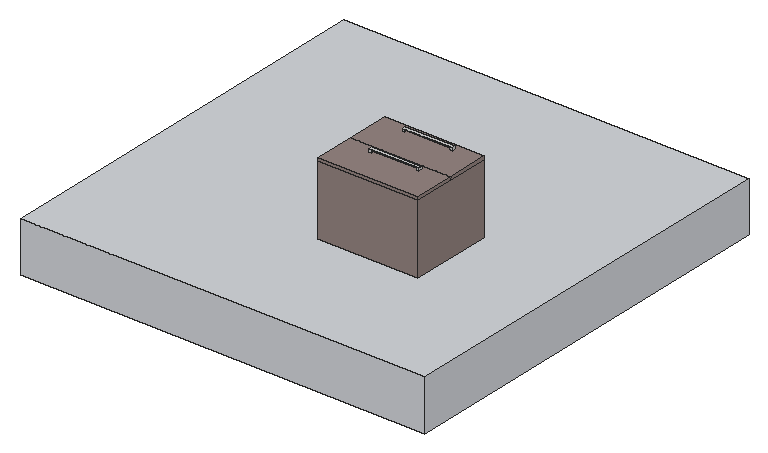
Revit family "IS_Tempo_Multiproduct_BIM_ES_E3240;E3242", category Plumbing Fixtures, host Face, Revit 2017
Family settings
  Host = Face
  Round Connector Dimension = Use Diameter
  Part Type = Normal
  OmniClass Number = 23.45.05.14.21.11
  OmniClass Title = Bath/Shower Units
  Cut with Voids When Loaded = No
  Shared = Yes
  Room Calculation Point = No
Parameters (values of type "E3240SG - Tempo 600mm Wall-mounted Vanity Basin Unit - Two Drawers - Sandy Grey")
  ÁreaDeMedición = "Interna"
  WaterEfficientProduct = no
  WRAS = no
  VidaÚtil = "n/a"
  VersiónUniclass2015 = "v1.1"
  Versión = "1"
  UrlDelFabricante = "https://www.idealstandard.es/home.html"
  UnidadMonetaria = "€"
  UnidadLineal = "milimetros"
  UnidadGarantía = "Años"
  UnidadDeÁrea = "milimetros"
  UnidadDeVolúmen = "Litros"
  UnidadDeTiempo = "Años"
  Uniclass2015Reference = "Pr_40_30_78_03"
  Uniclass2015Description = "Bathroom cabinets"
  Uniclass2 = "n/a"
  URL = "https://www.idealstandard.es/home.html"
  Type Comments = "n/a"
  TipoWc = "n/a"
  TipoMontajeWc = "n/a"
  TipoDucha = "n/a"
  TipoDeVálvula = "n/a"
  TipoDeUrinario = "n/a"
  TipoDeTaza = "n/a"
  TipoDeLavabo = "n/a"
  TipoDeGrifería = "n/a"
  TipoDeGarantía = "Garantía del fabricante"
  TipoDeExportaciónIfc = "BATHROOMCABINET"
  TipoDeDato = "n/a"
  TipoDeConexión = "Mechanical"
  TipoDeBaño = "n/a"
  TestDePresión = "10 Bar"
  Teléfono = "+34 93 561 80 00"
  Revisión = "1"
  Revision = "n/a"
  Repuestos = "https://www.idealstandard.es/ayuda-soporte/contacto.html"
  ReferenciaUniclass2015 = "Pr_40_20_96_96"
  ReferenciaDeModelo = "MUEBLE TEMPO 60CM CON CAJONES BLANCO"
  Referencia = "E3240SG"
  RatioDeCaudal = "n/a"
  ProfundidadNominal = 500 mm
  PresiónMáxima = "n/a"
  PresiónDeTrabajo = "n/a"
  PlatoDeDucha = no
  PesoNeto = "19,95"
  PesoBruto = 0
  NúmeroDeModelo = "E3240SG"
  NombreDeObjetoBim = "Wall-hung wash basins_ULYSSE-GEMMA2-TEMPO_E3240_IdealStandard"
  Nombre = "IS_IdealStandard_Wall-hung wash basins_ULYSSE-GEMMA2-TEMPO_E3240"
  NivelDeDesbordamiento = 0
  NBSTypeID = "n/a"
  NBSReference = "45-35-72/320"
  NBSOfficeMasterTag = "n/a"
  NBSNote = "n/a"
  NBSDescription = "Bathroom integrated duct work"
  NBSCertification = "n/a"
  MontajeDeLavabo = "A Pared"
  ModeloDeVálvula = "n/a"
  MaterialWc = "n/a"
  MaterialDeUrinario = "n/a"
  Marca = "Ideal Standard Iberia"
  Maneta = no
  LongitudNominal = 500 mm
  LaminateFinish = IS_IdealStandard_Laminate_SandyGrey_SG_Render
  Keynote = "n/a"
  InformaciónDeProducto = "https://www.idealstandard.es/products.html"
  IfcExportaComo = "IfcFurnitureType"
  HandleDistance = 150 mm
  GuíaDeInstallación = "https://www.idealstandard.es/ayuda-soporte/preguntasfrequentes.html"
  GrosorDelMaterial = 0
  Grado = "n/a"
  GarantíaPiezas = "2"
  GarantíaManoObra = "n/a"
  GarantíaDelTrabajo = "n/a"
  GarantíaDeLasPiezas = "2"
  FuncionalidadDeGrifería = "n/a"
  Forma = "Rectangular"
  FechaDeCreación = ""
  EvaluaciónDeSostenibilidad = "n/a"
  Espacio = "Interno"
  DiámetroDeDesagüe = 0
  DistribuidoPor = "n/a"
  Dimensiones = "440 x 500 x 600 mm"
  Destacado = "MUEBLE TEMPO 60CM CON CAJONES BLANCO"
  DescripciónUniclass2015 = "Wall-hung wash basins"
  DescripciónDeGrifería = "n/a"
  DescripciónCabezalDucha = "n/a"
  CódigoDePrestaciones = "n/a"
  CódigoDeBarras = "5017830475644"
  CosteDeSustitución = "n/a"
  Cost = 0
  Componentes = "n/a"
  ColorWc = "n/a"
  ColorDeUrinario = "n/a"
  CoeficienteDeCaudal = "n/a"
  ChromeHandle = IS_IdealStandard_Fitting_Chrome_Render
  Reference = "n/a"
  Model = "E3240SG"
  Manufacturer = "https://www.idealstandard.es/home.html"
  Description = "MUEBLE TEMPO 60CM CON CAJONES BLANCO"
  Default Elevation = 900 mm
  BREEAM = no
  BOS_43_Visibility = ""
  BOS_42_Visibility = ""
  Ayuda = "https://www.idealstandard.es/ayuda-soporte/preguntasfrequentes.html"
  Autor = "Ideal Standard Iberia"
  Assembly Code = "C1030200"
  AnchuraNominal = 500 mm
  AlturaNominal = 615 mm
  AccionamientoDeVálvula = "n/a"
  Accionamiento = "n/a"
  Accesorios = "https://www.idealstandard.es/products.html"
  Accesibilidad = "n/a"
  Acabado = "Sandy grey"
Types (4, lengths in mm): name | ReferenciaDeModelo | Referencia | PesoNeto | NúmeroDeModelo | NombreDeObjetoBim | Nombre | LaminateFinish | HandleDistance | Dimensiones | Destacado | CódigoDeBarras | Model | Description | Acabado
  E3240SG - Tempo 600mm Wall-mounted Vanity Basin Unit - Two Drawers - Sandy Grey | "MUEBLE TEMPO 60CM CON CAJONES BLANCO" | "E3240SG" | "19,95" | "E3240SG" | "Wall-hung wash basins_ULYSSE-GEMMA2-TEMPO_E3240_IdealStandard" | "IS_IdealStandard_Wall-hung wash basins_ULYSSE-GEMMA2-TEMPO_E3240" | IS_IdealStandard_Laminate_SandyGrey_SG_Render | 150 | "440 x 500 x 600 mm" | "MUEBLE TEMPO 60CM CON CAJONES BLANCO" | "5017830475644" | "E3240SG" | "MUEBLE TEMPO 60CM CON CAJONES BLANCO" | "Sandy grey"
  E3242SG - Tempo 800mm Wall-mounted Vanity Basin Unit - Two Drawers - Sandy Grey | "MUEBLE TEMPO 80CM CON CAJONES BLANCO" | "E3242SG" | "23,30" | "E3242SG" | "Wall-hung wash basins_ULYSSE-GEMMA2-TEMPO_E3242_IdealStandard" | "IS_IdealStandard_Wall-hung wash basins_ULYSSE-GEMMA2-TEMPO_E3242" | IS_IdealStandard_Laminate_SandyGrey_SG_Render | 250 | "440 x 500 x 800 mm" | "MUEBLE TEMPO 80CM CON CAJONES BLANCO" | "5017830475705" | "E3242SG" | "MUEBLE TEMPO 80CM CON CAJONES BLANCO" | "Sandy grey"
  E3240WG - Tempo 600mm Wall-mounted Vanity Basin Unit - Two Drawers – White Gloss | "MUEBLE TEMPO 60CM CON CAJONES BLANCO" | "E3240WG" | "19,95" | "E3240WG" | "Wall-hung wash basins_TESI_E3240_IdealStandard" | "IS_IdealStandard_Wall-hung wash basins_TESI_E3240" | IS_IdealStandard_Laminate_White_WG_Render | 150 | "440 x 500 x 600 mm" | "MUEBLE TEMPO 60CM CON CAJONES BLANCO" | "5017830475651" | "E3240WG" | "MUEBLE TEMPO 60CM CON CAJONES BLANCO" | "Blanco Brillante"
  E3242WG - Tempo 800mm Wall-mounted Vanity Basin Unit - Two Drawers – White Gloss | "MUEBLE TEMPO 80CM CON CAJONES BLANCO" | "E3242WG" | "23,30" | "E3242WG" | "Wall-hung wash basins_TESI_E3242_IdealStandard" | "IS_IdealStandard_Wall-hung wash basins_TESI_E3242" | IS_IdealStandard_Laminate_White_WG_Render | 250 | "440 x 500 x 800 mm" | "MUEBLE TEMPO 80CM CON CAJONES BLANCO" | "5017830475712" | "E3242WG" | "MUEBLE TEMPO 80CM CON CAJONES BLANCO" | "Blanco Brillante"
Reference planes
  plane 1 "Center (Front/Back)": y = 0
  plane 2: z = 0
  plane 3 "Center (Left/Right)": x = 0
  plane 4: x = 600
  plane 5: y = -500
  plane 6: z = 440
  plane 7: z = 422
  plane 8: y = -250
  plane 9: y = -249
  plane 10: y = -251
  plane 11: z = 18
  plane 12: x = 18
  plane 13: x = 582
  plane 14: x = 526.622
  plane 15: y = -231
  plane 16: x = 300
  plane 17: x = 150
  plane 18: x = 450
  plane 19: y = -30
  plane 20: y = -281
  plane 21: z = 450
  plane 22: z = 455
  plane 23: z = 460
  plane 24: x = 165
  plane 25: x = 435
  plane 26: y = -50
  plane 27: y = -155.5
Forms (mm)
  Extrusion 1, solid
    sketch origin (0, 0, 0) x (1, 0, 0) y (0, 1, 0)
      loop
        line (-1219.2, 1219.2) -> (-1219.2, -1219.2) -> (1219.2, -1219.2) -> (1219.2, 1219.2) -> (-1219.2, 1219.2)
    from 0 to -304.8
  Extrusion 2, solid, material "IS_IdealStandard_Laminate_SandyGrey_SG_Render" <- "LaminateFinish"
    sketch origin (0, 0, 0) x (1, 0, 0) y (0, 1, 0)
      loop
        line (0, 0) -> (0, -500) -> (600, -500) -> (600, 0) -> (0, 0)
    from 0 to 422
  Extrusion 3, solid, material "IS_IdealStandard_Laminate_SandyGrey_SG_Render" <- "LaminateFinish"
    sketch origin (-245.113, -4572, 422) x (-1, 0, 0) y (0, -1, 0)
      loop
        line (-845.113, -4323) -> (-845.113, -4572) -> (-245.113, -4572) -> (-245.113, -4323) -> (-845.113, -4323)
      loop
        line (-845.113, -4321) -> (-245.113, -4321) -> (-245.113, -4072) -> (-845.113, -4072) -> (-845.113, -4321)
    from 0 to 18
  Extrusion 4, void
    sketch origin (-178.439, -231, 1219.2) x (1, 0, 0) y (0, 0, 1)
      loop
        line (196.439, -797.2) -> (196.439, -1201.2) -> (760.439, -1201.2) -> (760.439, -797.2) -> (196.439, -797.2)
    from -231 to 0
  Extrusion 5, solid, material "IS_IdealStandard_Fitting_Chrome_Render" <- "ChromeHandle", detail levels medium+fine
    sketch origin (103.089, -30, 1219.2) x (-1, 0, 0) y (0, 0, 1)
      loop
        line (-61.911, -769.2) -> (-61.911, -779.2) -> (-46.911, -779.2) -> (-46.911, -765.198)
        arc (-46.911, -765.198) -> (-196.908, -759.046) -> (-346.911, -765.054) r 1853.424
        line (-346.911, -765.054) -> (-346.911, -779.2) -> (-331.911, -779.2) -> (-331.911, -769.2)
        arc (-331.911, -769.2) -> (-196.911, -764.2) -> (-61.911, -769.2) r 1825
    from -20 to 0
  Extrusion 6, solid, material "IS_IdealStandard_Fitting_Chrome_Render" <- "ChromeHandle", detail levels medium+fine
    sketch origin (103.089, -301, 1219.2) x (-1, 0, 0) y (0, 0, -1)
      loop
        arc (-61.911, 769.2) -> (-196.911, 764.2) -> (-331.911, 769.2) r 1825
        line (-331.911, 769.2) -> (-331.911, 779.2) -> (-346.911, 779.2) -> (-346.911, 765.054)
        arc (-346.911, 765.054) -> (-196.908, 759.046) -> (-46.911, 765.198) r 1853.424
        line (-46.911, 765.198) -> (-46.911, 779.2) -> (-61.911, 779.2) -> (-61.911, 769.2)
    from -20 to 0
Cuts and joins
  Extrusion 4 cuts Extrusion 2
  Extrusion 4 cuts Extrusion 3
Dimensions and locks
  locked: plane 3 "Center (Left/Right)" to plane 4 at 600
  locked: plane 5 to plane 1 "Center (Front/Back)" at 500
  locked: plane 6 to level at 440
  equal spacing: plane 5, plane 8, plane 1 "Center (Front/Back)"
  equal spacing: plane 3 "Center (Left/Right)", plane 16, plane 4
  equal spacing: plane 17, plane 16, plane 18
  plane 17 to plane 18 = 300 mm
  "HandleDistance": plane 3 "Center (Left/Right)" to plane 17
  plane 18 to plane 4 = 150 mm
  equal spacing: plane 24, plane 16, plane 25
  locked: plane 24 to plane 25 at 270
  locked: plane 13 to plane 4 at 18
  aligned and locked: plane 2 to Extrusion 1
  aligned and locked: level to Extrusion 1
  aligned and locked: plane 1 "Center (Front/Back)" to Extrusion 2 sketch curve
  aligned and locked: plane 3 "Center (Left/Right)" to Extrusion 2 sketch curve
  aligned and locked: plane 5 to Extrusion 2 sketch curve
  aligned and locked: Extrusion 2 sketch curve to plane 4
  aligned and locked: plane 7 to Extrusion 2
  aligned and locked: Extrusion 2 to level
  aligned and locked: plane 9 to Extrusion 3 sketch curve
  aligned and locked: Extrusion 3 sketch curve to plane 4
  aligned and locked: Extrusion 3 sketch curve to Extrusion 2  (x2)
  aligned and locked: Extrusion 3 to plane 7
  aligned and locked: plane 6 to Extrusion 3
  aligned and locked: Extrusion 4 sketch curve to plane 7
  aligned and locked: plane 12 to Extrusion 4 sketch curve
  aligned and locked: plane 11 to Extrusion 4 sketch curve
  aligned and locked: Extrusion 4 sketch curve to plane 13
  aligned and locked: Extrusion 4 to plane 1 "Center (Front/Back)"
  aligned and locked: Extrusion 4 to plane 15
  aligned and locked: Extrusion 5 to plane 26
  aligned and locked: plane 19 to Extrusion 5
  aligned and locked: plane 20 to Extrusion 6
Automatic sketch dimensions
  Extrusion 1 sketch curve to Extrusion 1 sketch curve = 2438.4 mm  (x2)
  Extrusion 3 sketch curve to plane 4 = 0 mm
  Extrusion 3 sketch curve to plane 3 "Center (Left/Right)" = 0 mm
  Extrusion 3 sketch curve to plane 10 = 0 mm
  Extrusion 3 sketch curve to plane 5 = 0 mm
  Extrusion 5 sketch curve to plane 18 = 0 mm
  Extrusion 5 sketch curve to plane 21 = 0 mm
  Extrusion 5 sketch curve to plane 25 = 0 mm
  Extrusion 5 sketch curve to plane 16 = 0 mm
  Extrusion 5 sketch curve to plane 6 = 0 mm  (x2)
  Extrusion 5 sketch curve to plane 24 = 0 mm
  Extrusion 5 sketch curve to plane 17 = 0 mm
  plane 16 to Extrusion 5 sketch curve = 0.889 mm
  Extrusion 5 sketch curve to level = 1370 mm
  Extrusion 5 sketch curve to Extrusion 5 sketch curve = 23.27 mm
  Extrusion 5 sketch curve to plane 22 = 0.998 mm
  Extrusion 6 sketch curve to plane 18 = 0 mm
  Extrusion 6 sketch curve to plane 21 = 0 mm
  Extrusion 6 sketch curve to plane 25 = 0 mm
  plane 16 to Extrusion 6 sketch curve = 0 mm
  Extrusion 6 sketch curve to plane 6 = 0 mm  (x2)
  Extrusion 6 sketch curve to plane 24 = 0 mm
  Extrusion 6 sketch curve to plane 17 = 0 mm
  plane 16 to Extrusion 6 sketch curve = 0.889 mm
  Extrusion 6 sketch curve to plane 22 = 0.998 mm
  Extrusion 6 sketch curve to Extrusion 6 sketch curve = 14.146 mm
  Extrusion 6 sketch curve to Extrusion 6 sketch curve = 23.27 mm
